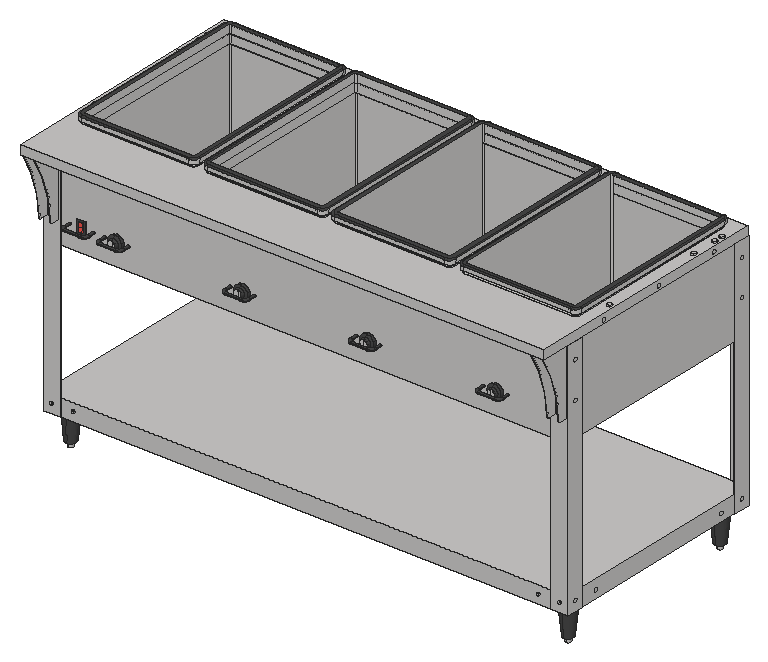
Revit family "QF_VOLLRATH_38214_SERVEWELL_SL_HOT_FOOD_TABLE", category Specialty Equipment, Revit 2022
Family settings
  Round Connector Dimension = Use Diameter
  Part Type = Normal
  Work Plane-Based = No
  Always vertical = Yes
  Cut with Voids When Loaded = No
  Maintain Annotation Orientation = No
  Shared = No
  Room Calculation Point = No
Parameters
  Weight in Pounds = 0
  Watts = 2800 W
  Volts = 120 V
  URL Cutsheet = ""
  Specification by User = ""
  Specification by Manufacturer = ""
  Serial Number = ""
  Seismic Rating = ""
  SMACNA No = ""
  Revision Code = ""
  Phase = 1
  Number of Poles = 1
  NAFEM Spec ID Number = ""
  Model = "38214"
  Min Ckt Ampacity = 0 A
  Max Overcurrent Protection = 0 A
  Masterspec = ""
  Manufacturer = "VOLLRATH"
  Length = 60 11/16"
  Item Number = ""
  Installed By = ""
  Identify Quantity as Lot = yes
  Height = 34"
  HP = ""
  Furnished By = ""
  Foodservice Equipment Identifier = yes
  FL Amps = 30 A
  Electrical Remarks = ""
  Electric Connection Type = ""
  Elec Conn RI Height = 0"
  Elec Conn Connection Height = 0"
  Description = "SERVEWELL SL HOT FOOD TABLE"
  Depth = 29 1/2"
  Default Elevation = 0"
  Cycle = 0 Hz
  Conn Plug = "NEMA 5-30P"
  Conn Conduit = yes
  CSI MasterFormat = ""
  Apparent Power = if(Phase = 3, Volts * FL Amps * 1.73, Volts * FL Amps)  # 3600 VA
Reference planes (in)
  plane 1 "BACK": y = 0
  plane 2: z = 0
  plane 3 "LEFT": x = 0
  plane 4 "RIGHT": x = 60.6875
  plane 5 "FRONT": y = -29.5
  plane 6 "TOP": z = 34
  plane 7 "Center Y": x = 30.34375
  plane 8 "Center X": y = -14.75
Dimensions and locks (in)
  equal spacing: plane 3 "LEFT", plane 7 "Center Y", plane 4 "RIGHT"
  "Length": plane 3 "LEFT" to plane 4 "RIGHT"
  equal spacing: plane 5 "FRONT", plane 8 "Center X", plane 1 "BACK"
  "Depth": plane 5 "FRONT" to plane 1 "BACK"
  "Height": plane 6 "TOP" to level
  nested 1 to level = 4"
  plane 4 "RIGHT" to plane 3 "LEFT" = 60 11/16"
  aligned and locked: level to plane 2
Nested families (in)
  nested 1: "QF_VOLLRATH_38203" at (0, 0, 0), type "QF_VOLLRATH_38203"
Connectors (in)
  electrical at (4.37729, -23.99392, 21.75393)
    settings: on nested 1, index 1, voltage 120 V, apparent load 0 VA, apparent load phase1 0 VA, apparent load phase2 0 VA, apparent load phase3 0 VA, power factor 1, load classification "Other", number of poles 1, system type 30, power factor state 1, is connector primary yes, connector utility no, sub classification motor no, connector description "ELECTRICAL CONNECTION"
Definition of nested family "QF_VOLLRATH_38203"
  Parameters (values of type "QF_VOLLRATH_38203")
    Weight in Pounds = 0
    Watts = 480 W
    Volts = 120 V
    URL Cutsheet = ""
    Specification by User = ""
    Specification by Manufacturer = ""
    Serial Number = ""
    Seismic Rating = ""
    SMACNA No = ""
    Revision Code = ""
    Phase = 0
    Number of Poles = 1
    NAFEM Spec ID Number = ""
    Model = "38204"
    Min Ckt Ampacity = 0 A
    Max Overcurrent Protection = 0 A
    Masterspec = ""
    Manufacturer = "VOLLRATH"
    Length = 60 11/16"
    Item Number = ""
    Installed By = ""
    Identify Quantity as Lot = yes
    Height = 34"
    HP = ""
    Furnished By = ""
    Foodservice Equipment Identifier = yes
    FL Amps = 15 A
    Electrical Remarks = ""
    Electric Connection Type = ""
    Elec Conn RI Height = 0"
    Elec Conn Connection Height = 0"
    Description = "SERVEWELL SL HOT FOOD TABLE"
    Depth = 29 1/2"
    Default Elevation = 0"
    Cycle = 0 Hz
    Conn Plug = "NEMA 5-20P"
    Conn Conduit = yes
    CSI MasterFormat = ""
    Apparent Power = if(Phase = 3, Volts * FL Amps * 1.73, Volts * FL Amps)  # 1800 VA
  Reference planes (in)
    plane 1 "BACK": y = 0
    plane 2: z = 0
    plane 3 "LEFT": x = 0
    plane 4 "RIGHT": x = 60.6875
    plane 5 "FRONT": y = -29.5
    plane 6 "TOP": z = 34
    plane 7 "Center Y": x = 30.34375
    plane 8 "Center X": y = -14.75
    plane 9: z = 4
    plane 10: y = -26
    plane 11: z = 6
    plane 12: x = 1.5
    plane 13: y = -18.1465
    plane 14: x = 59.1875
  Forms (in)
    Extrusion 1, solid
      sketch origin (-38.39759, -180, 34) x (-1, 0, 0) y (0, -1, 0)
        loop
          line (-38.39759, -180) -> (-38.39759, -150.5) -> (-99.08509, -150.5) -> (-99.08509, -180) -> (-38.39759, -180)
        loop
          arc (-53.31185, -178.35363) -> (-53.26608, -178.46411) -> (-53.1556, -178.50988) r 0.15625
          line (-53.1556, -178.50988) -> (-40.4056, -178.50988)
          arc (-40.4056, -178.50988) -> (-40.29511, -178.46411) -> (-40.24935, -178.35363) r 0.15625
          line (-40.24935, -178.35363) -> (-40.24935, -157.60363)
          arc (-40.24935, -157.60363) -> (-40.29511, -157.49314) -> (-40.4056, -157.44738) r 0.15625
          line (-40.4056, -157.44738) -> (-53.1556, -157.44738)
          arc (-53.1556, -157.44738) -> (-53.26608, -157.49314) -> (-53.31185, -157.60363) r 0.15625
          line (-53.31185, -157.60363) -> (-53.31185, -178.35363)
        loop
          line (-54.82709, -178.35363) -> (-54.82709, -157.60363)
          arc (-54.82709, -157.60363) -> (-54.87285, -157.49314) -> (-54.98334, -157.44738) r 0.15625
          line (-54.98334, -157.44738) -> (-67.73334, -157.44738)
          arc (-67.73334, -157.44738) -> (-67.84382, -157.49314) -> (-67.88959, -157.60363) r 0.15625
          line (-67.88959, -157.60363) -> (-67.88959, -178.35363)
          arc (-67.88959, -178.35363) -> (-67.84382, -178.46411) -> (-67.73334, -178.50988) r 0.15625
          line (-67.73334, -178.50988) -> (-54.98334, -178.50988)
          arc (-54.98334, -178.50988) -> (-54.87285, -178.46411) -> (-54.82709, -178.35363) r 0.15625
        loop
          arc (-69.57709, -157.60363) -> (-69.62285, -157.49314) -> (-69.73334, -157.44738) r 0.15625
          line (-69.73334, -157.44738) -> (-82.48334, -157.44738)
          arc (-82.48334, -157.44738) -> (-82.59382, -157.49314) -> (-82.63959, -157.60363) r 0.15625
          line (-82.63959, -157.60363) -> (-82.63959, -178.35363)
          arc (-82.63959, -178.35363) -> (-82.59382, -178.46411) -> (-82.48334, -178.50988) r 0.15625
          line (-82.48334, -178.50988) -> (-69.73334, -178.50988)
          arc (-69.73334, -178.50988) -> (-69.62285, -178.46411) -> (-69.57709, -178.35363) r 0.15625
          line (-69.57709, -178.35363) -> (-69.57709, -157.60363)
        loop
          arc (-84.17084, -157.60363) -> (-84.2166, -157.49314) -> (-84.32709, -157.44738) r 0.15625
          line (-84.32709, -157.44738) -> (-97.07709, -157.44738)
          arc (-97.07709, -157.44738) -> (-97.18757, -157.49314) -> (-97.23334, -157.60363) r 0.15625
          line (-97.23334, -157.60363) -> (-97.23334, -178.35363)
          arc (-97.23334, -178.35363) -> (-97.18757, -178.46411) -> (-97.07709, -178.50988) r 0.15625
          line (-97.07709, -178.50988) -> (-84.32709, -178.50988)
          arc (-84.32709, -178.50988) -> (-84.2166, -178.46411) -> (-84.17084, -178.35363) r 0.15625
          line (-84.17084, -178.35363) -> (-84.17084, -157.60363)
      from -0.90354 to -1.94773
    Extrusion 2, solid
      sketch origin (0, 0, 0) x (1, 0, 0) y (0, 1, 0)
        loop
          line (0, -26) -> (60.6875, -26) -> (60.6875, 0) -> (0, 0) -> (0, -26)
        loop
          arc (14.91425, -1.64637) -> (14.86849, -1.53589) -> (14.758, -1.49012) r 0.15625
          line (14.758, -1.49012) -> (2.008, -1.49012)
          arc (2.008, -1.49012) -> (1.89752, -1.53589) -> (1.85175, -1.64637) r 0.15625
          line (1.85175, -1.64637) -> (1.85175, -22.39637)
          arc (1.85175, -22.39637) -> (1.89752, -22.50686) -> (2.008, -22.55262) r 0.15625
          line (2.008, -22.55262) -> (14.758, -22.55262)
          arc (14.758, -22.55262) -> (14.86849, -22.50686) -> (14.91425, -22.39637) r 0.15625
          line (14.91425, -22.39637) -> (14.91425, -1.64637)
        loop
          arc (16.4455, -22.39637) -> (16.49127, -22.50686) -> (16.60175, -22.55262) r 0.15625
          line (16.60175, -22.55262) -> (29.35175, -22.55262)
          arc (29.35175, -22.55262) -> (29.46224, -22.50686) -> (29.508, -22.39637) r 0.15625
          line (29.508, -22.39637) -> (29.508, -1.64637)
          arc (29.508, -1.64637) -> (29.46224, -1.53589) -> (29.35175, -1.49012) r 0.15625
          line (29.35175, -1.49012) -> (16.60175, -1.49012)
          arc (16.60175, -1.49012) -> (16.49127, -1.53589) -> (16.4455, -1.64637) r 0.15625
          line (16.4455, -1.64637) -> (16.4455, -22.39637)
        loop
          line (45.77325, -1.64637) -> (45.77325, -22.39637)
          arc (45.77325, -22.39637) -> (45.81901, -22.50686) -> (45.9295, -22.55262) r 0.15625
          line (45.9295, -22.55262) -> (58.6795, -22.55262)
          arc (58.6795, -22.55262) -> (58.78998, -22.50686) -> (58.83575, -22.39637) r 0.15625
          line (58.83575, -22.39637) -> (58.83575, -1.64637)
          arc (58.83575, -1.64637) -> (58.78998, -1.53589) -> (58.6795, -1.49012) r 0.15625
          line (58.6795, -1.49012) -> (45.9295, -1.49012)
          arc (45.9295, -1.49012) -> (45.81901, -1.53589) -> (45.77325, -1.64637) r 0.15625
        loop
          line (44.242, -22.39637) -> (44.242, -1.64637)
          arc (44.242, -1.64637) -> (44.19623, -1.53589) -> (44.08575, -1.49012) r 0.15625
          line (44.08575, -1.49012) -> (31.33575, -1.49012)
          arc (31.33575, -1.49012) -> (31.22526, -1.53589) -> (31.1795, -1.64637) r 0.15625
          line (31.1795, -1.64637) -> (31.1795, -22.39637)
          arc (31.1795, -22.39637) -> (31.22526, -22.50686) -> (31.33575, -22.55262) r 0.15625
          line (31.33575, -22.55262) -> (44.08575, -22.55262)
          arc (44.08575, -22.55262) -> (44.19623, -22.50686) -> (44.242, -22.39637) r 0.15625
      from 21.87893 to 32.05227
    Extrusion 3, solid
      sketch origin (0, 0, 0) x (1, 0, 0) y (0, 1, 0)
        loop
          line (-0.0625, -26.0625) -> (1.9375, -26.0625) -> (1.9375, -26) -> (0, -26) -> (0, -24.0625) -> (-0.0625, -24.0625) -> (-0.0625, -26.0625)
        loop
          line (60.75, -26.0625) -> (60.75, -24.0625) -> (60.6875, -24.0625) -> (60.6875, -26) -> (58.75, -26) -> (58.75, -26.0625) -> (60.75, -26.0625)
        loop
          line (-0.0625, 0.0625) -> (-0.0625, -1.9375) -> (0, -1.9375) -> (0, 0) -> (1.9375, 0) -> (1.9375, 0.0625) -> (-0.0625, 0.0625)
        loop
          line (60.75, 0.0625) -> (58.75, 0.0625) -> (58.75, 0) -> (60.6875, 0) -> (60.6875, -1.9375) -> (60.75, -1.9375) -> (60.75, 0.0625)
      from 4 to 32.05227
    Extrusion 4, solid
      sketch origin (0, -180, 4) x (-1, 0, 0) y (0, -1, 0)
        loop
          line (0, -180) -> (0, -154) -> (-60.6875, -154) -> (-60.6875, -180) -> (0, -180)
      from 0 to 2
    Revolve 5, solid
      sketch origin (59.1875, 0, 0) x (0, 1, 0) y (0, 0, -1)
        loop
          line (-24.0625, -4) -> (-24.0625, 0) -> (-24.34375, 0) -> (-24.34375, -0.5625) -> (-24.69114, -0.5625) -> (-24.99188, -4) -> (-24.0625, -4)
        axis (-24.0625, -4) -> (-24.0625, 0)
      angle from 0 to 360
    Sweep 6, solid
      path origin (0, 0, 0) x (1, 0, 0) y (0, 1, 0)
        loop
          arc (2.008, -1.14637) -> (1.65445, -1.29282) -> (1.508, -1.64637) r 0.5
          line (1.508, -1.64637) -> (1.508, -22.39637)
          arc (1.508, -22.39637) -> (1.65445, -22.74993) -> (2.008, -22.89637) r 0.5
          line (2.008, -22.89637) -> (14.41425, -22.89637)
          arc (14.41425, -22.89637) -> (14.76781, -22.74993) -> (14.91425, -22.39637) r 0.5
          line (14.91425, -22.39637) -> (14.91425, -1.64637)
          arc (14.91425, -1.64637) -> (14.76781, -1.29282) -> (14.41425, -1.14637) r 0.5
          line (14.41425, -1.14637) -> (2.008, -1.14637)
      profile origin (8.21113, -1.14637, 0) x (0, 1, 0) y (0, 0, 1)
        loop
          arc (0.21875, 33.86984) -> (0.18063, 33.96188) -> (0.08859, 34) r 0.13016
          line (0.08859, 34) -> (-0.34375, 34) -> (-0.34375, 21.87893) -> (0, 21.87893) -> (0, 33.09646)
          arc (0, 33.09646) -> (-0.07256, 33.26176) -> (-0.03125, 33.4375) r 0.285
          line (-0.03125, 33.4375) -> (0.21875, 33.4375) -> (0.21875, 33.86984)
    Sweep 7, solid
      path origin (7.23399, 0, 0) x (1, 0, 0) y (0, 1, 0)
        loop
          arc (9.35175, -1.14637) -> (8.9982, -1.29282) -> (8.85175, -1.64637) r 0.5
          line (8.85175, -1.64637) -> (8.85175, -22.39637)
          arc (8.85175, -22.39637) -> (8.9982, -22.74993) -> (9.35175, -22.89637) r 0.5
          line (9.35175, -22.89637) -> (22.10175, -22.89637)
          arc (22.10175, -22.89637) -> (22.45531, -22.74993) -> (22.60175, -22.39637) r 0.5
          line (22.60175, -22.39637) -> (22.60175, -1.64637)
          arc (22.60175, -1.64637) -> (22.45531, -1.29282) -> (22.10175, -1.14637) r 0.5
          line (22.10175, -1.14637) -> (9.35175, -1.14637)
      profile origin (22.96075, -1.14637, 0) x (0, 1, 0) y (0, 0, 1)
        loop
          arc (0.21875, 33.86984) -> (0.18063, 33.96188) -> (0.08859, 34) r 0.13016
          line (0.08859, 34) -> (-0.34375, 34) -> (-0.34375, 21.87893) -> (0, 21.87893) -> (0, 33.09646)
          arc (0, 33.09646) -> (-0.07256, 33.26176) -> (-0.03125, 33.4375) r 0.285
          line (-0.03125, 33.4375) -> (0.21875, 33.4375) -> (0.21875, 33.86984)
    Extrusion 8, solid
      sketch origin (0, 0, 0) x (0, 1, 0) y (0, 0, 1)
        loop
          arc (-29.38523, 32.05227) -> (-27.76168, 28.48926) -> (-27.05801, 24.63752) r 15.90135
          arc (-27.05801, 24.63752) -> (-26.98006, 24.47007) -> (-26.80842, 24.40183) r 0.25
          line (-26.80842, 24.40183) -> (-26.0625, 24.40183) -> (-26.0625, 32.05227) -> (-29.38523, 32.05227)
      from 0.19267 to 0.26943
    Extrusion 9, solid
      sketch origin (1.38301, 0, 0) x (0, 1, 0) y (0, 0, 1)
        loop
          arc (-29.38523, 32.05227) -> (-27.76168, 28.48926) -> (-27.05801, 24.63752) r 15.90135
          arc (-27.05801, 24.63752) -> (-26.98006, 24.47007) -> (-26.80842, 24.40183) r 0.25
          line (-26.80842, 24.40183) -> (-26.0625, 24.40183) -> (-26.0625, 32.05227) -> (-29.38523, 32.05227)
      from 0.12501 to 0.21028
    Revolve 10, solid
      sketch origin (8.383, 0.0625, 0) x (0, 1, 0) y (0, 0, 1)
        loop
          line (-26.0625, 24.44451) -> (-26.0625, 25.25473) -> (-26.36725, 25.25473) -> (-26.50448, 24.94383) -> (-26.8125, 24.8613) -> (-26.8125, 24.44451) -> (-26.0625, 24.44451)
        axis (-26.8125, 24.44451) -> (-26.0625, 24.44451)
      angle from 0 to 360
    Sweep 11, solid
      path origin (0, 0, 0) x (1, 0, 0) y (0, 1, 0)
        loop
          line (7, -26) -> (7, -26.83521)
          arc (7, -26.83521) -> (7.12149, -27.12851) -> (7.41479, -27.25) r 0.41479
          line (7.41479, -27.25) -> (9.33594, -27.25)
          arc (9.33594, -27.25) -> (9.62872, -27.12872) -> (9.75, -26.83594) r 0.41406
          line (9.75, -26.83594) -> (9.75, -26)
      profile origin (8.37537, -27.25, 0) x (0, 1, 0) y (0, 0, 1)
        loop
          circle (0, 24.4375) r 0.125
    Revolve 12, solid
      sketch origin (23, 0.0625, 0) x (0, 1, 0) y (0, 0, 1)
        loop
          line (-26.0625, 24.44451) -> (-26.0625, 25.25473) -> (-26.36725, 25.25473) -> (-26.50448, 24.94383) -> (-26.8125, 24.8613) -> (-26.8125, 24.44451) -> (-26.0625, 24.44451)
        axis (-26.8125, 24.44451) -> (-26.0625, 24.44451)
      angle from 0 to 360
    Sweep 13, solid
      path origin (7.242, 0, 0) x (1, 0, 0) y (0, 1, 0)
        loop
          line (14.34375, -26) -> (14.34375, -26.83521)
          arc (14.34375, -26.83521) -> (14.46524, -27.12851) -> (14.75854, -27.25) r 0.41479
          line (14.75854, -27.25) -> (16.67969, -27.25)
          arc (16.67969, -27.25) -> (16.97247, -27.12872) -> (17.09375, -26.83594) r 0.41406
          line (17.09375, -26.83594) -> (17.09375, -26)
      profile origin (22.96111, -27.25, 0) x (0, 1, 0) y (0, 0, 1)
        loop
          circle (0, 24.4375) r 0.125
    Revolve 14, solid
      sketch origin (37.617, 0.0625, 0) x (0, 1, 0) y (0, 0, -1)
        loop
          line (-26.0625, -24.44451) -> (-26.8125, -24.44451) -> (-26.8125, -24.8613) -> (-26.50448, -24.94383) -> (-26.36725, -25.25473) -> (-26.0625, -25.25473) -> (-26.0625, -24.44451)
        axis (-26.8125, -24.44451) -> (-26.0625, -24.44451)
      angle from 0 to 360
    Sweep 15, solid
      path origin (46, 0, 0) x (-1, 0, 0) y (0, -1, 0)
        loop
          line (-7.6875, 26) -> (-7.6875, 26.83521)
          arc (-7.6875, 26.83521) -> (-7.56601, 27.12851) -> (-7.27271, 27.25) r 0.41479
          line (-7.27271, 27.25) -> (-5.35156, 27.25)
          arc (-5.35156, 27.25) -> (-5.05878, 27.12872) -> (-4.9375, 26.83594) r 0.41406
          line (-4.9375, 26.83594) -> (-4.9375, 26)
      profile origin (52.31213, -27.25, 0) x (0, -1, 0) y (0, 0, 1)
        loop
          circle (0, 24.4375) r 0.125
    Extrusion 16, solid
      sketch origin (0, -26, 0) x (1, 0, 0) y (0, 0, 1)
        loop
          line (3.81326, 25.25117) -> (3.81326, 23.75117) -> (4.81326, 23.75117) -> (4.81326, 25.25117) -> (3.81326, 25.25117)
        loop
          line (4.10495, 25.04634) -> (4.10495, 24.03072) -> (4.52019, 24.03072) -> (4.52019, 25.04634) -> (4.10495, 25.04634)
      from 0 to 0.0625
    Extrusion 17, solid
      sketch origin (4.10495, -26, 24.53072) x (0, 0, 1) y (0, -1, 0)
        loop
          line (0.51563, 0.0625) -> (0.51563, 0.12731) -> (0.05202, 0.12731) -> (-0.49994, 0.20488) -> (-0.49994, 0.0625) -> (0.51563, 0.0625)
      from 0 to 0.41524
    Sweep 18, solid
      path origin (-4.03125, 0, 0) x (1, 0, 0) y (0, 1, 0)
        loop
          line (7, -26) -> (7, -26.83521)
          arc (7, -26.83521) -> (7.12149, -27.12851) -> (7.41479, -27.25) r 0.41479
          line (7.41479, -27.25) -> (9.33594, -27.25)
          arc (9.33594, -27.25) -> (9.62872, -27.12872) -> (9.75, -26.83594) r 0.41406
          line (9.75, -26.83594) -> (9.75, -26)
      profile origin (4.34412, -27.25, 0) x (0, 1, 0) y (0, 0, 1)
        loop
          circle (0, 24.4375) r 0.125
    Extrusion 19, solid
      sketch origin (0, 0, 21.87893) x (0, 1, 0) y (1, 0, 0)
        loop
          circle (-19.65638, 8.32444) r 0.5
        loop
          line (-22.39637, 1.85175) -> (-1.64637, 1.85175)
          arc (-1.64637, 1.85175) -> (-1.53589, 1.89752) -> (-1.49012, 2.008) r 0.15625
          line (-1.49012, 2.008) -> (-1.49012, 14.758)
          arc (-1.49012, 14.758) -> (-1.53589, 14.86849) -> (-1.64637, 14.91425) r 0.15625
          line (-1.64637, 14.91425) -> (-22.39637, 14.91425)
          arc (-22.39637, 14.91425) -> (-22.50686, 14.86849) -> (-22.55262, 14.758) r 0.15625
          line (-22.55262, 14.758) -> (-22.55262, 2.008)
          arc (-22.55262, 2.008) -> (-22.50686, 1.89752) -> (-22.39637, 1.85175) r 0.15625
        loop
          circle (-19.65638, 23.01931) r 0.5
        loop
          arc (-22.39637, 29.492) -> (-22.50686, 29.44623) -> (-22.55262, 29.33575) r 0.15625
          line (-22.55262, 29.33575) -> (-22.55262, 16.58575)
          arc (-22.55262, 16.58575) -> (-22.50686, 16.47526) -> (-22.39637, 16.4295) r 0.15625
          line (-22.39637, 16.4295) -> (-1.64637, 16.4295)
          arc (-1.64637, 16.4295) -> (-1.53589, 16.47526) -> (-1.49012, 16.58575) r 0.15625
          line (-1.49012, 16.58575) -> (-1.49012, 29.33575)
          arc (-1.49012, 29.33575) -> (-1.53589, 29.44623) -> (-1.64637, 29.492) r 0.15625
          line (-1.64637, 29.492) -> (-22.39637, 29.492)
        loop
          circle (-19.65638, 52.36306) r 0.5
        loop
          arc (-22.39637, 58.83575) -> (-22.50686, 58.78998) -> (-22.55262, 58.6795) r 0.15625
          line (-22.55262, 58.6795) -> (-22.55262, 45.9295)
          arc (-22.55262, 45.9295) -> (-22.50686, 45.81901) -> (-22.39637, 45.77325) r 0.15625
          line (-22.39637, 45.77325) -> (-1.64637, 45.77325)
          arc (-1.64637, 45.77325) -> (-1.53589, 45.81901) -> (-1.49012, 45.9295) r 0.15625
          line (-1.49012, 45.9295) -> (-1.49012, 58.6795)
          arc (-1.49012, 58.6795) -> (-1.53589, 58.78998) -> (-1.64637, 58.83575) r 0.15625
          line (-1.64637, 58.83575) -> (-22.39637, 58.83575)
        loop
          circle (-19.65638, 37.66819) r 0.5
        loop
          line (-22.39637, 31.1955) -> (-1.64637, 31.1955)
          arc (-1.64637, 31.1955) -> (-1.53589, 31.24127) -> (-1.49012, 31.35175) r 0.15625
          line (-1.49012, 31.35175) -> (-1.49012, 44.10175)
          arc (-1.49012, 44.10175) -> (-1.53589, 44.21224) -> (-1.64637, 44.258) r 0.15625
          line (-1.64637, 44.258) -> (-22.39637, 44.258)
          arc (-22.39637, 44.258) -> (-22.50686, 44.21224) -> (-22.55262, 44.10175) r 0.15625
          line (-22.55262, 44.10175) -> (-22.55262, 31.35175)
          arc (-22.55262, 31.35175) -> (-22.50686, 31.24127) -> (-22.39637, 31.1955) r 0.15625
      from 0 to -0.48173
    Extrusion 20, solid
      sketch origin (-38.39759, -180, 33.09646) x (-1, 0, 0) y (0, -1, 0)
        loop
          circle (-38.90258, -176.94303) r 0.25
        loop
          circle (-38.90258, -175.89791) r 0.25
        loop
          circle (-38.93459, -172.90202) r 0.25
        loop
          circle (-38.96584, -160.74577) r 0.25
      from 0 to 0.0625
    Extrusion 21, solid
      sketch origin (0.1875, 0, 21.87893) x (0, 1, 0) y (1, 0, 0)
        loop
          circle (-23.99392, 4.18979) r 0.5
      from 0 to 0.125
    Extrusion 22, solid
      sketch origin (0, 0, 21.87893) x (0, 1, 0) y (1, 0, 0)
        loop
          circle (-19.65551, 8.32474) r 0.5
        loop
          circle (-19.65551, 52.36276) r 0.5
        loop
          circle (-19.65551, 23.02344) r 0.5
        loop
          circle (-19.65551, 37.66406) r 0.5
        loop
          circle (-19.65551, 8.32474) r 0.5625
        loop
          circle (-19.65551, 23.02344) r 0.5625
        loop
          circle (-19.65551, 37.66406) r 0.5625
        loop
          circle (-19.65551, 52.36276) r 0.5625
      from 0 to 2
    Extrusion 23, solid
      sketch origin (0, 0, 0) x (1, 0, 0) y (0, 0, 1)
        loop
          arc (8.11974, 21.11331) -> (7.98829, 20.87122) -> (8.15928, 20.65522) r 0.25
          line (8.15928, 20.65522) -> (8.15928, 19.87893) -> (8.44974, 19.87893) -> (8.44974, 20.65323)
          arc (8.44974, 20.65323) -> (8.62739, 20.87543) -> (8.48208, 21.12001) r 0.25
          line (8.48208, 21.12001) -> (8.48208, 21.37213) -> (8.11974, 21.37213) -> (8.11974, 21.11331)
      from 20.74955 to 20.32975
    Extrusion 24, solid
      sketch origin (0, 0, 0) x (1, 0, 0) y (0, 0, 1)
        loop
          circle (8.30179, 20.88613) r 0.25
      from 20.15525 to 20.32975
    Extrusion 25, solid
      sketch origin (7.39541, 0, 0) x (1, 0, 0) y (0, 0, 1)
        loop
          arc (15.46349, 21.11331) -> (15.33204, 20.87122) -> (15.50303, 20.65522) r 0.25
          line (15.50303, 20.65522) -> (15.50303, 19.87893) -> (15.79349, 19.87893) -> (15.79349, 20.65323)
          arc (15.79349, 20.65323) -> (15.97114, 20.87543) -> (15.82583, 21.12001) r 0.25
          line (15.82583, 21.12001) -> (15.82583, 21.37213) -> (15.46349, 21.37213) -> (15.46349, 21.11331)
      from 20.74955 to 20.32975
    Extrusion 26, solid
      sketch origin (7.40222, 0, 0) x (1, 0, 0) y (0, 0, 1)
        loop
          circle (15.64554, 20.88613) r 0.25
      from 20.15525 to 20.32975
    Extrusion 27, solid
      sketch origin (29.38659, 0, 0) x (1, 0, 0) y (0, 0, 1)
        loop
          arc (22.80724, 21.11331) -> (22.67579, 20.87122) -> (22.84678, 20.65522) r 0.25
          line (22.84678, 20.65522) -> (22.84678, 19.87893) -> (23.13724, 19.87893) -> (23.13724, 20.65323)
          arc (23.13724, 20.65323) -> (23.31489, 20.87543) -> (23.16958, 21.12001) r 0.25
          line (23.16958, 21.12001) -> (23.16958, 21.37213) -> (22.80724, 21.37213) -> (22.80724, 21.11331)
      from 20.74955 to 20.32975
    Extrusion 28, solid
      sketch origin (29.38659, 0, 0) x (1, 0, 0) y (0, 0, 1)
        loop
          circle (22.98929, 20.88613) r 0.25
      from 20.15525 to 20.32975
    Extrusion 29, solid
      sketch origin (60.6875, 0, 34) x (0, -1, 0) y (0, 0, -1)
        loop
          circle (25.09699, 3.76064) r 0.17669
        loop
          circle (25.09699, 8.01064) r 0.17669
        loop
          circle (25.09699, 28.76064) r 0.17669
        loop
          circle (22.10841, 29.02211) r 0.17669
        loop
          circle (3.92282, 29.02211) r 0.17669
        loop
          circle (0.93013, 28.81284) r 0.17669
        loop
          circle (0.93013, 7.8989) r 0.17669
        loop
          circle (0.93013, 3.74659) r 0.17669
        loop
          circle (20.96222, 1.42378) r 0.17669
        loop
          circle (12.96222, 1.42378) r 0.17669
        loop
          circle (4.96222, 1.42378) r 0.17669
      from 0 to 0.125
    Extrusion 30, solid
      sketch origin (0, 0, 34) x (0, -1, 0) y (0, 0, 1)
        loop
          circle (25.09699, -3.76064) r 0.17669
        loop
          circle (25.09699, -8.01064) r 0.17669
        loop
          circle (25.09699, -28.76064) r 0.17669
        loop
          circle (22.10841, -29.02211) r 0.17669
        loop
          circle (3.92282, -29.02211) r 0.17669
        loop
          circle (0.93013, -28.81284) r 0.17669
        loop
          circle (0.93013, -7.8989) r 0.17669
        loop
          circle (0.93013, -3.74659) r 0.17669
        loop
          circle (20.96222, -1.42378) r 0.17669
        loop
          circle (12.96222, -1.42378) r 0.17669
        loop
          circle (4.96222, -1.42378) r 0.17669
      from 0 to 0.125
    Extrusion 31, solid
      sketch origin (60.75, -26.0625, 0) x (-1, 0, 0) y (0, 0, -1)
        loop
          circle (0.93848, -30.25949) r 0.14866
        loop
          circle (0.93848, -26.00949) r 0.14866
        loop
          circle (0.93848, -5.09351) r 0.14866
        loop
          circle (3.43848, -5.09351) r 0.14866
        loop
          circle (59.87402, -30.25949) r 0.14866
        loop
          circle (59.87402, -26.00949) r 0.14866
        loop
          circle (59.87402, -5.09351) r 0.14866
        loop
          circle (57.37402, -5.09351) r 0.14866
      from 0 to 0.0625
    Revolve 32, solid
      sketch origin (1.5, 0, 0) x (0, 1, 0) y (0, 0, 1)
        loop
          line (-24.0625, 4) -> (-24.99188, 4) -> (-24.69114, 0.5625) -> (-24.34375, 0.5625) -> (-24.34375, 0) -> (-24.0625, 0) -> (-24.0625, 4)
        axis (-24.0625, 4) -> (-24.0625, 0)
      angle from 0 to 360
    Revolve 33, solid
      sketch origin (1.5, -26.125, 0) x (0, -1, 0) y (0, 0, -1)
        loop
          line (-24.0625, -4) -> (-24.0625, 0) -> (-24.34375, 0) -> (-24.34375, -0.5625) -> (-24.69114, -0.5625) -> (-24.99188, -4) -> (-24.0625, -4)
        axis (-24.0625, -4) -> (-24.0625, 0)
      angle from 0 to 360
    Revolve 34, solid
      sketch origin (59.1875, -26.125, 0) x (0, -1, 0) y (0, 0, 1)
        loop
          line (-24.0625, 4) -> (-24.99188, 4) -> (-24.69114, 0.5625) -> (-24.34375, 0.5625) -> (-24.34375, 0) -> (-24.0625, 0) -> (-24.0625, 4)
        axis (-24.0625, 4) -> (-24.0625, 0)
      angle from 0 to 360
    Blend 35, solid
      base sketch origin (0, 0, 0) x (1, 0, 0) y (0, 1, 0)
        loop
          line (54.75023, -18.1465) -> (54.75023, -23.02664) -> (59.25023, -23.02664) -> (59.25023, -18.1465) -> (54.75023, -18.1465)
      top sketch origin (0, 0, 0) x (1, 0, 0) y (0, 1, 0)
        loop
          line (55.25023, -22.52664) -> (58.75023, -22.52664) -> (58.75023, -18.6465) -> (55.25023, -18.6465) -> (55.25023, -22.52664)
      from 4 to 3.30089
    Blend 36, solid
      base sketch origin (46, 0, 0) x (-1, 0, 0) y (0, -1, 0)
        loop
          line (40.06273, 18.1465) -> (44.56273, 18.1465) -> (44.56273, 23.02664) -> (40.06273, 23.02664) -> (40.06273, 18.1465)
      top sketch origin (46, 0, 0) x (-1, 0, 0) y (0, -1, 0)
        loop
          line (40.56273, 22.52664) -> (40.56273, 18.6465) -> (44.06273, 18.6465) -> (44.06273, 22.52664) -> (40.56273, 22.52664)
      from 4 to 3.30089
    Blend 37, solid
      base sketch origin (0, -26.0164, 0) x (1, 0, 0) y (0, 1, 0)
        loop
          line (54.75023, 18.1465) -> (59.25023, 18.1465) -> (59.25023, 23.02664) -> (54.75023, 23.02664) -> (54.75023, 18.1465)
      top sketch origin (0, -26.0164, 0) x (1, 0, 0) y (0, 1, 0)
        loop
          line (55.25023, 22.52664) -> (55.25023, 18.6465) -> (58.75023, 18.6465) -> (58.75023, 22.52664) -> (55.25023, 22.52664)
      from 4 to 3.30089
    Blend 38, solid
      base sketch origin (46, -26.0164, 0) x (-1, 0, 0) y (0, -1, 0)
        loop
          line (40.06273, -18.1465) -> (40.06273, -23.02664) -> (44.56273, -23.02664) -> (44.56273, -18.1465) -> (40.06273, -18.1465)
      top sketch origin (46, -26.0164, 0) x (-1, 0, 0) y (0, -1, 0)
        loop
          line (40.56273, -22.52664) -> (44.06273, -22.52664) -> (44.06273, -18.6465) -> (40.56273, -18.6465) -> (40.56273, -22.52664)
      from 4 to 3.30089
    Extrusion 39, solid
      sketch origin (60.6875, 0, 0) x (0, 1, 0) y (0, 0, -1)
        loop
          line (-29.38523, -32.05227) -> (-26.0625, -32.05227) -> (-26.0625, -24.40183) -> (-26.80842, -24.40183)
          arc (-26.80842, -24.40183) -> (-26.98006, -24.47007) -> (-27.05801, -24.63752) r 0.25
          arc (-27.05801, -24.63752) -> (-27.76168, -28.48926) -> (-29.38523, -32.05227) r 15.90135
      from 0.19267 to 0.26943
    Extrusion 40, solid
      sketch origin (59.30449, 0, 0) x (0, 1, 0) y (0, 0, -1)
        loop
          line (-29.38523, -32.05227) -> (-26.0625, -32.05227) -> (-26.0625, -24.40183) -> (-26.80842, -24.40183)
          arc (-26.80842, -24.40183) -> (-26.98006, -24.47007) -> (-27.05801, -24.63752) r 0.25
          arc (-27.05801, -24.63752) -> (-27.76168, -28.48926) -> (-29.38523, -32.05227) r 15.90135
      from 0.12501 to 0.21028
    Sweep 41, solid
      path origin (60.6875, 0, 0) x (-1, 0, 0) y (0, -1, 0)
        loop
          line (2.008, 1.14637) -> (14.41425, 1.14637)
          arc (14.41425, 1.14637) -> (14.76781, 1.29282) -> (14.91425, 1.64637) r 0.5
          line (14.91425, 1.64637) -> (14.91425, 22.39637)
          arc (14.91425, 22.39637) -> (14.76781, 22.74993) -> (14.41425, 22.89637) r 0.5
          line (14.41425, 22.89637) -> (2.008, 22.89637)
          arc (2.008, 22.89637) -> (1.65445, 22.74993) -> (1.508, 22.39637) r 0.5
          line (1.508, 22.39637) -> (1.508, 1.64637)
          arc (1.508, 1.64637) -> (1.65445, 1.29282) -> (2.008, 1.14637) r 0.5
      profile origin (52.47637, -1.14637, 0) x (0, -1, 0) y (0, 0, 1)
        loop
          line (-0.21875, 33.86984) -> (-0.21875, 33.4375) -> (0.03125, 33.4375)
          arc (0.03125, 33.4375) -> (0.07256, 33.26176) -> (0, 33.09646) r 0.285
          line (0, 33.09646) -> (0, 21.87893) -> (0.34375, 21.87893) -> (0.34375, 34) -> (-0.08859, 34)
          arc (-0.08859, 34) -> (-0.18063, 33.96188) -> (-0.21875, 33.86984) r 0.13016
    Sweep 42, solid
      path origin (53.45351, 0, 0) x (-1, 0, 0) y (0, -1, 0)
        loop
          line (9.35175, 1.14637) -> (22.10175, 1.14637)
          arc (22.10175, 1.14637) -> (22.45531, 1.29282) -> (22.60175, 1.64637) r 0.5
          line (22.60175, 1.64637) -> (22.60175, 22.39637)
          arc (22.60175, 22.39637) -> (22.45531, 22.74993) -> (22.10175, 22.89637) r 0.5
          line (22.10175, 22.89637) -> (9.35175, 22.89637)
          arc (9.35175, 22.89637) -> (8.9982, 22.74993) -> (8.85175, 22.39637) r 0.5
          line (8.85175, 22.39637) -> (8.85175, 1.64637)
          arc (8.85175, 1.64637) -> (8.9982, 1.29282) -> (9.35175, 1.14637) r 0.5
      profile origin (37.72675, -1.14637, 0) x (0, -1, 0) y (0, 0, 1)
        loop
          line (-0.21875, 33.86984) -> (-0.21875, 33.4375) -> (0.03125, 33.4375)
          arc (0.03125, 33.4375) -> (0.07256, 33.26176) -> (0, 33.09646) r 0.285
          line (0, 33.09646) -> (0, 21.87893) -> (0.34375, 21.87893) -> (0.34375, 34) -> (-0.08859, 34)
          arc (-0.08859, 34) -> (-0.18063, 33.96188) -> (-0.21875, 33.86984) r 0.13016
    Extrusion 43, solid
      sketch origin (53.29209, 0, 0) x (-1, 0, 0) y (0, 0, -1)
        loop
          line (15.46349, -21.11331) -> (15.46349, -21.37213) -> (15.82583, -21.37213) -> (15.82583, -21.12001)
          arc (15.82583, -21.12001) -> (15.97114, -20.87543) -> (15.79349, -20.65323) r 0.25
          line (15.79349, -20.65323) -> (15.79349, -19.87893) -> (15.50303, -19.87893) -> (15.50303, -20.65522)
          arc (15.50303, -20.65522) -> (15.33204, -20.87122) -> (15.46349, -21.11331) r 0.25
      from 20.74955 to 20.32975
    Extrusion 44, solid
      sketch origin (60.6875, 0, 0) x (-1, 0, 0) y (0, 0, -1)
        loop
          circle (8.30179, -20.88613) r 0.25
      from 20.15525 to 20.32975
    Extrusion 45, solid
      sketch origin (53.28528, 0, 0) x (-1, 0, 0) y (0, 0, -1)
        loop
          circle (15.64554, -20.88613) r 0.25
      from 20.15525 to 20.32975
    Revolve 46, solid
      sketch origin (52.367, 0.0625, 0) x (0, 1, 0) y (0, 0, -1)
        loop
          line (-26.0625, -24.44451) -> (-26.8125, -24.44451) -> (-26.8125, -24.8613) -> (-26.50448, -24.94383) -> (-26.36725, -25.25473) -> (-26.0625, -25.25473) -> (-26.0625, -24.44451)
        axis (-26.8125, -24.44451) -> (-26.0625, -24.44451)
      angle from 0 to 360
    Sweep 47, solid
      path origin (21.85098, 0, 0) x (1, 0, 0) y (0, 1, 0)
        loop
          line (14.34375, -26) -> (14.34375, -26.83521)
          arc (14.34375, -26.83521) -> (14.46524, -27.12851) -> (14.75854, -27.25) r 0.41479
          line (14.75854, -27.25) -> (16.67969, -27.25)
          arc (16.67969, -27.25) -> (16.97247, -27.12872) -> (17.09375, -26.83594) r 0.41406
          line (17.09375, -26.83594) -> (17.09375, -26)
      profile origin (37.57009, -27.25, 0) x (0, 1, 0) y (0, 0, 1)
        loop
          circle (0, 24.4375) r 0.125
    Extrusion 48, solid
      sketch origin (99.08509, -180, 33.09646) x (1, 0, 0) y (0, 1, 0)
        loop
          circle (-38.90258, 176.94303) r 0.25
        loop
          circle (-38.90258, 175.89791) r 0.25
        loop
          circle (-38.93459, 172.90202) r 0.25
        loop
          circle (-38.96584, 160.74577) r 0.25
      from 0 to 0.0625
  Cuts and joins
    joined: Extrusion 2, Extrusion 3, Extrusion 4
  Lines and regions (in)
    Split face 1
      outline origin (0, -26, 32.05227) x (0, 0, -1) y (1, 0, 0)
        loop
          line (6.04686, 9.36933) -> (6.48436, 9.36933) -> (6.48436, 10.36933) -> (6.04686, 10.36933) -> (6.04686, 9.36933)
    Split face 2
      outline origin (0, -26, 32.05227) x (0, 0, -1) y (1, 0, 0)
        loop
          circle (6.79224, 9.82181) r 0.16586
    Split face 3
      outline origin (0, -26, 32.05227) x (0, 0, -1) y (1, 0, 0)
        loop
          line (6.04686, 38.30683) -> (6.48436, 38.30683) -> (6.48436, 39.30683) -> (6.04686, 39.30683) -> (6.04686, 38.30683)
    Split face 4
      outline origin (0, -26, 32.05227) x (0, 0, -1) y (1, 0, 0)
        loop
          circle (6.79224, 38.79056) r 0.16586
    Split face 5
      outline origin (0, -26, 32.05227) x (0, 0, -1) y (1, 0, 0)
        loop
          line (6.04686, 53.05683) -> (6.48436, 53.05683) -> (6.48436, 54.05683) -> (6.04686, 54.05683) -> (6.04686, 53.05683)
    Split face 6
      outline origin (0, -26, 32.05227) x (0, 0, -1) y (1, 0, 0)
        loop
          circle (6.79224, 53.55618) r 0.16586
    Split face 7
      outline origin (0, -26, 32.05227) x (0, 0, -1) y (1, 0, 0)
        loop
          arc (6.95843, 13.99045) -> (6.98589, 13.92416) -> (7.05218, 13.8967) r 0.09375
          line (7.05218, 13.8967) -> (8.17718, 13.8967)
          arc (8.17718, 13.8967) -> (8.24347, 13.92416) -> (8.27093, 13.99045) r 0.09375
          line (8.27093, 13.99045) -> (8.27093, 17.92817)
          arc (8.27093, 17.92817) -> (8.24353, 17.99431) -> (8.1774, 18.0217) r 0.09353
          line (8.1774, 18.0217) -> (7.05218, 18.0217)
          arc (7.05218, 18.0217) -> (6.98589, 17.99424) -> (6.95843, 17.92795) r 0.09375
          line (6.95843, 17.92795) -> (6.95843, 13.99045)
    Split face 8
      outline origin (0, -26, 32.05227) x (0, 0, -1) y (1, 0, 0)
        loop
          line (6.04686, 23.99433) -> (6.48436, 23.99433) -> (6.48436, 24.99433) -> (6.04686, 24.99433) -> (6.04686, 23.99433)
    Split face 9
      outline origin (0, -26, 32.05227) x (0, 0, -1) y (1, 0, 0)
        loop
          circle (6.79224, 24.46081) r 0.16586
    symbolic lines
      curve 1: line (0, 0, 0) -> (0, -29.5, 0)
      curve 2: line (0, -29.5, 0) -> (60.6875, -29.5, 0)
      curve 3: line (60.6875, -29.5, 0) -> (60.6875, 0, 0)
      curve 4: line (60.6875, 0, 0) -> (0, 0, 0)
      curve 5: arc (8.32444, -19.15638, 0) -> (8.82444, -19.65638, 0) -> (8.32444, -20.15638, 0) r 0.5
      curve 6: arc (8.32444, -20.15638, 0) -> (7.82444, -19.65638, 0) -> (8.32444, -19.15638, 0) r 0.5
      curve 7: arc (0.81824, -19.25423, 0) -> (0.56824, -19.00423, 0) -> (0.31824, -19.25423, 0) r 0.25
      curve 8: arc (0.31824, -19.25423, 0) -> (0.56824, -19.50423, 0) -> (0.81824, -19.25423, 0) r 0.25
      curve 9: arc (0.78699, -7.09798, 0) -> (0.53699, -6.84798, 0) -> (0.28699, -7.09798, 0) r 0.25
      curve 10: arc (0.28699, -7.09798, 0) -> (0.53699, -7.34798, 0) -> (0.78699, -7.09798, 0) r 0.25
      curve 11: arc (0.75498, -4.10209, 0) -> (0.50498, -3.85209, 0) -> (0.25498, -4.10209, 0) r 0.25
      curve 12: arc (0.25498, -4.10209, 0) -> (0.50498, -4.35209, 0) -> (0.75498, -4.10209, 0) r 0.25
      curve 13: arc (0.25498, -3.05697, 0) -> (0.50498, -3.30697, 0) -> (0.75498, -3.05697, 0) r 0.25
      curve 14: arc (0.75498, -3.05697, 0) -> (0.50498, -2.80697, 0) -> (0.25498, -3.05697, 0) r 0.25
      curve 15: line (14.5705, -1.64637, 0) -> (14.5705, -22.39637, 0)
      curve 16: arc (14.5705, -22.39637, 0) -> (14.52474, -22.50686, 0) -> (14.41425, -22.55262, 0) r 0.15625
      curve 17: line (14.41425, -22.55262, 0) -> (2.008, -22.55262, 0)
      curve 18: arc (2.008, -22.55262, 0) -> (1.89752, -22.50686, 0) -> (1.85175, -22.39637, 0) r 0.15625
      curve 19: line (1.85175, -22.39637, 0) -> (1.85175, -1.64637, 0)
      curve 20: arc (1.85175, -1.64637, 0) -> (1.89752, -1.53589, 0) -> (2.008, -1.49012, 0) r 0.15625
      curve 21: line (2.008, -1.49012, 0) -> (14.41425, -1.49012, 0)
      curve 22: arc (14.41425, -1.49012, 0) -> (14.52474, -1.53589, 0) -> (14.5705, -1.64637, 0) r 0.15625
      curve 23: line (14.41425, -23.11512, 0) -> (2.008, -23.11512, 0)
      curve 24: arc (2.008, -23.11512, 0) -> (1.49977, -22.90461, 0) -> (1.28925, -22.39637, 0) r 0.71875
      curve 25: line (1.28925, -22.39637, 0) -> (1.28925, -1.64637, 0)
      curve 26: arc (1.28925, -1.64637, 0) -> (1.49977, -1.13814, 0) -> (2.008, -0.92762, 0) r 0.71875
      curve 27: line (2.008, -0.92762, 0) -> (14.41425, -0.92762, 0)
      curve 28: arc (14.41425, -0.92762, 0) -> (14.92249, -1.13814, 0) -> (15.133, -1.64637, 0) r 0.71875
      curve 29: line (15.133, -1.64637, 0) -> (15.133, -22.39637, 0)
      curve 30: arc (15.133, -22.39637, 0) -> (14.92249, -22.90461, 0) -> (14.41425, -23.11512, 0) r 0.71875
      curve 31: arc (23.01931, -20.15638, 0) -> (22.51931, -19.65638, 0) -> (23.01931, -19.15638, 0) r 0.5
      curve 32: arc (23.01931, -19.15638, 0) -> (23.51931, -19.65638, 0) -> (23.01931, -20.15638, 0) r 0.5
      curve 33: line (29.33575, -22.55262, 0) -> (16.58575, -22.55262, 0)
      curve 34: arc (16.58575, -22.55262, 0) -> (16.47526, -22.50686, 0) -> (16.4295, -22.39637, 0) r 0.15625
      curve 35: line (16.4295, -22.39637, 0) -> (16.4295, -1.64637, 0)
      curve 36: arc (16.4295, -1.64637, 0) -> (16.47526, -1.53589, 0) -> (16.58575, -1.49012, 0) r 0.15625
      curve 37: line (16.58575, -1.49012, 0) -> (29.33575, -1.49012, 0)
      curve 38: arc (29.33575, -1.49012, 0) -> (29.44623, -1.53589, 0) -> (29.492, -1.64637, 0) r 0.15625
      curve 39: line (29.492, -1.64637, 0) -> (29.492, -22.39637, 0)
      curve 40: arc (29.492, -22.39637, 0) -> (29.44623, -22.50686, 0) -> (29.33575, -22.55262, 0) r 0.15625
      curve 41: line (15.867, -22.39637, 0) -> (15.867, -1.64637, 0)
      curve 42: arc (15.867, -1.64637, 0) -> (16.07751, -1.13814, 0) -> (16.58575, -0.92762, 0) r 0.71875
      curve 43: line (16.58575, -0.92762, 0) -> (29.33575, -0.92762, 0)
      curve 44: arc (29.33575, -0.92762, 0) -> (29.84398, -1.13814, 0) -> (30.0545, -1.64637, 0) r 0.71875
      curve 45: line (30.0545, -1.64637, 0) -> (30.0545, -22.39637, 0)
      curve 46: arc (30.0545, -22.39637, 0) -> (29.84398, -22.90461, 0) -> (29.33575, -23.11512, 0) r 0.71875
      curve 47: line (29.33575, -23.11512, 0) -> (16.58575, -23.11512, 0)
      curve 48: arc (16.58575, -23.11512, 0) -> (16.07751, -22.90461, 0) -> (15.867, -22.39637, 0) r 0.71875
      curve 49: line (30.633, -22.39637, 0) -> (30.633, -1.64637, 0)
      curve 50: arc (30.633, -1.64637, 0) -> (30.84352, -1.13814, 0) -> (31.35175, -0.92762, 0) r 0.71875
      curve 51: line (31.35175, -0.92762, 0) -> (44.10175, -0.92762, 0)
      curve 52: arc (44.10175, -0.92762, 0) -> (44.60999, -1.13814, 0) -> (44.8205, -1.64637, 0) r 0.71875
      curve 53: line (44.8205, -1.64637, 0) -> (44.8205, -22.39637, 0)
      curve 54: arc (44.8205, -22.39637, 0) -> (44.60999, -22.90461, 0) -> (44.10175, -23.11512, 0) r 0.71875
      curve 55: line (44.10175, -23.11512, 0) -> (31.35175, -23.11512, 0)
      curve 56: arc (31.35175, -23.11512, 0) -> (30.84352, -22.90461, 0) -> (30.633, -22.39637, 0) r 0.71875
      curve 57: line (31.1955, -22.39637, 0) -> (31.1955, -1.64637, 0)
      curve 58: arc (31.1955, -1.64637, 0) -> (31.24127, -1.53589, 0) -> (31.35175, -1.49012, 0) r 0.15625
      curve 59: line (31.35175, -1.49012, 0) -> (44.10175, -1.49012, 0)
      curve 60: arc (44.10175, -1.49012, 0) -> (44.21224, -1.53589, 0) -> (44.258, -1.64637, 0) r 0.15625
      curve 61: line (44.258, -1.64637, 0) -> (44.258, -22.39637, 0)
      curve 62: arc (44.258, -22.39637, 0) -> (44.21224, -22.50686, 0) -> (44.10175, -22.55262, 0) r 0.15625
      curve 63: line (44.10175, -22.55262, 0) -> (31.35175, -22.55262, 0)
      curve 64: arc (31.35175, -22.55262, 0) -> (31.24127, -22.50686, 0) -> (31.1955, -22.39637, 0) r 0.15625
      curve 65: arc (37.66819, -20.15638, 0) -> (37.16819, -19.65638, 0) -> (37.66819, -19.15638, 0) r 0.5
      curve 66: arc (37.66819, -19.15638, 0) -> (38.16819, -19.65638, 0) -> (37.66819, -20.15638, 0) r 0.5
      curve 67: line (46.117, -22.39637, 0) -> (46.117, -1.64637, 0)
      curve 68: arc (46.117, -1.64637, 0) -> (46.16276, -1.53589, 0) -> (46.27325, -1.49012, 0) r 0.15625
      curve 69: line (46.27325, -1.49012, 0) -> (58.6795, -1.49012, 0)
      curve 70: arc (58.6795, -1.49012, 0) -> (58.78998, -1.53589, 0) -> (58.83575, -1.64637, 0) r 0.15625
      curve 71: line (58.83575, -1.64637, 0) -> (58.83575, -22.39637, 0)
      curve 72: arc (58.83575, -22.39637, 0) -> (58.78998, -22.50686, 0) -> (58.6795, -22.55262, 0) r 0.15625
      curve 73: line (58.6795, -22.55262, 0) -> (46.27325, -22.55262, 0)
      curve 74: arc (46.27325, -22.55262, 0) -> (46.16276, -22.50686, 0) -> (46.117, -22.39637, 0) r 0.15625
      curve 75: line (45.5545, -22.39637, 0) -> (45.5545, -1.64637, 0)
      curve 76: arc (45.5545, -1.64637, 0) -> (45.76501, -1.13814, 0) -> (46.27325, -0.92762, 0) r 0.71875
      curve 77: line (46.27325, -0.92762, 0) -> (58.6795, -0.92762, 0)
      curve 78: arc (58.6795, -0.92762, 0) -> (59.18773, -1.13814, 0) -> (59.39825, -1.64637, 0) r 0.71875
      curve 79: line (59.39825, -1.64637, 0) -> (59.39825, -22.39637, 0)
      curve 80: arc (59.39825, -22.39637, 0) -> (59.18773, -22.90461, 0) -> (58.6795, -23.11512, 0) r 0.71875
      curve 81: line (58.6795, -23.11512, 0) -> (46.27325, -23.11512, 0)
      curve 82: arc (46.27325, -23.11512, 0) -> (45.76501, -22.90461, 0) -> (45.5545, -22.39637, 0) r 0.71875
      curve 83: arc (52.36306, -20.15638, 0) -> (51.86306, -19.65638, 0) -> (52.36306, -19.15638, 0) r 0.5
      curve 84: arc (52.36306, -19.15638, 0) -> (52.86306, -19.65638, 0) -> (52.36306, -20.15638, 0) r 0.5
      curve 85: arc (59.86926, -19.25423, 0) -> (60.11926, -19.50423, 0) -> (60.36926, -19.25423, 0) r 0.25
      curve 86: arc (60.36926, -19.25423, 0) -> (60.11926, -19.00423, 0) -> (59.86926, -19.25423, 0) r 0.25
      curve 87: arc (59.90051, -7.09798, 0) -> (60.15051, -7.34798, 0) -> (60.40051, -7.09798, 0) r 0.25
      curve 88: arc (60.40051, -7.09798, 0) -> (60.15051, -6.84798, 0) -> (59.90051, -7.09798, 0) r 0.25
      curve 89: arc (59.93252, -4.10209, 0) -> (60.18252, -4.35209, 0) -> (60.43252, -4.10209, 0) r 0.25
      curve 90: arc (60.43252, -4.10209, 0) -> (60.18252, -3.85209, 0) -> (59.93252, -4.10209, 0) r 0.25
      curve 91: arc (59.93252, -3.05697, 0) -> (60.18252, -3.30697, 0) -> (60.43252, -3.05697, 0) r 0.25
      curve 92: arc (60.43252, -3.05697, 0) -> (60.18252, -2.80697, 0) -> (59.93252, -3.05697, 0) r 0.25
  Dimensions and locks (in)
    equal spacing: plane 3 "LEFT", plane 7 "Center Y", plane 4 "RIGHT"
    "Length": plane 3 "LEFT" to plane 4 "RIGHT"
    equal spacing: plane 5 "FRONT", plane 8 "Center X", plane 1 "BACK"
    "Depth": plane 5 "FRONT" to plane 1 "BACK"
    "Height": plane 6 "TOP" to level
    plane 9 to level = 4"
    plane 5 "FRONT" to plane 1 "BACK" = 29 1/2"
    plane 10 to plane 1 "BACK" = 26"
    plane 11 to plane 9 = 2"
    plane 12 to plane 3 "LEFT" = 1 1/2"
    aligned and locked: level to plane 2
  Automatic sketch dimensions
    curve 16 to curve 30 = 0"  (x2)
    curve 18 to curve 24 = 0"  (x2)
    curve 20 to curve 26 = 0"  (x2)
    curve 22 to curve 28 = 0"
    curve 34 to curve 48 = 0"  (x2)
    curve 36 to curve 42 = 0"  (x2)
    curve 38 to curve 44 = 0"  (x2)
    curve 40 to curve 46 = 0"
    curve 50 to curve 58 = 0"  (x2)
    curve 52 to curve 60 = 0"  (x2)
    curve 54 to curve 62 = 0"  (x2)
    curve 56 to curve 64 = 0"
    curve 68 to curve 76 = 0"  (x2)
    curve 70 to curve 78 = 0"  (x2)
    curve 72 to curve 80 = 0"  (x2)
    curve 74 to curve 82 = 0"
    curve 1 to plane 3 "LEFT" = 0"
    plane 1 "BACK" to curve 4 = 0"
    curve 4 to plane 4 "RIGHT" = 0"
    plane 5 "FRONT" to curve 1 = 0"
    plane 3 "LEFT" to curve 14 = 0.50498"
    plane 3 "LEFT" to curve 11 = 0.50498"
    plane 3 "LEFT" to curve 9 = 0.53699"
    plane 3 "LEFT" to curve 8 = 0.56824"
    curve 25 to plane 12 = 0.21075"
    plane 12 to curve 19 = 0.35175"
    plane 12 to curve 27 = 0.508"
    curve 18 to curve 24 = 5/32"
    plane 13 to curve 5 = 1.50988"
    plane 12 to curve 5 = 6.82444"
    plane 1 "BACK" to curve 21 = 1.49012"
    curve 20 to curve 21 = 12 13/32"
    plane 10 to curve 23 = 2.88488"
    curve 5 to curve 23 = 6.08981"
    curve 22 to curve 15 = 5/32"
    curve 28 to curve 41 = 0.73399"
    curve 41 to curve 35 = 9/16"
    curve 35 to curve 42 = 5/32"
    curve 34 to curve 33 = 5/32"
    plane 13 to curve 32 = 1.50988"
    curve 34 to curve 32 = 6.43356"
    curve 40 to plane 7 "Center Y" = 1.008"
    curve 38 to plane 7 "Center Y" = 1.008"
    curve 40 to curve 39 = 5/32"
    plane 7 "Center Y" to curve 49 = 0.28925"
    curve 49 to curve 57 = 9/16"
    curve 58 to curve 59 = 5/32"
    curve 57 to curve 63 = 5/32"
    plane 13 to curve 66 = 1.50988"
    curve 56 to curve 66 = 6.31644"
    plane 10 to curve 54 = 3.60363"
    curve 65 to curve 54 = 6.43356"
    plane 1 "BACK" to curve 59 = 1.49012"
    curve 58 to curve 59 = 12 3/4"
    curve 52 to curve 61 = 5/32"
    curve 52 to curve 75 = 0.73399"
    curve 75 to curve 67 = 9/16"
    curve 67 to curve 69 = 5/32"
    curve 67 to curve 82 = 5/32"
    plane 13 to curve 83 = 1.50988"
    curve 74 to curve 83 = 6.08981"
    plane 14 to curve 72 = 0.508"
    plane 14 to curve 69 = 0.508"
    curve 70 to curve 71 = 5/32"
    curve 47 to curve 56 = 23/32"
    curve 81 to curve 54 = 23/32"
    plane 13 to curve 8 = 1.10773"
    curve 10 to curve 26 = 5.45161"
    curve 11 to curve 26 = 2.45572"
    curve 11 to curve 13 = 1.04512"
    curve 52 to curve 75 = 0"
    curve 45 to curve 49 = 0"
    curve 12 to curve 11 = 1/4"
    curve 13 to curve 13 = 1/4"
    curve 10 to curve 9 = 1/4"
    curve 7 to curve 7 = 1/4"
    curve 31 to curve 31 = 1/2"
    curve 83 to curve 83 = 1/2"
    curve 65 to curve 65 = 1/2"
    curve 6 to curve 5 = 1/2"
    plane 1 "BACK" to Extrusion 1 sketch curve = 0"
    Extrusion 1 sketch curve to plane 4 "RIGHT" = 0"
    Extrusion 1 sketch curve to plane 3 "LEFT" = 0"
    plane 5 "FRONT" to Extrusion 1 sketch curve = 0"
    plane 14 to Extrusion 1 sketch curve = 0.35175"
    Extrusion 1 sketch curve to Extrusion 1 sketch curve = 5/32"  (x12)
    plane 10 to Extrusion 1 sketch curve = 3.44738"  (x2)
    Extrusion 1 sketch curve to Extrusion 1 sketch curve = 12 3/4"  (x4)
    plane 1 "BACK" to Extrusion 1 sketch curve = 1.49012"  (x3)
    Extrusion 1 sketch curve to Extrusion 1 sketch curve = 1 17/32"
    plane 7 "Center Y" to Extrusion 1 sketch curve = 0.992"  (x2)
    Extrusion 1 sketch curve to plane 7 "Center Y" = 0.85175"
    plane 1 "BACK" to Extrusion 1 sketch curve = 1.64637"
    Extrusion 1 sketch curve to Extrusion 1 sketch curve = 1.51524"
    plane 12 to Extrusion 1 sketch curve = 0.508"  (x2)
    Extrusion 1 sketch curve to Extrusion 1 sketch curve = 0"  (x2)
    Extrusion 2 sketch curve to plane 3 "LEFT" = 0"
    plane 1 "BACK" to Extrusion 2 sketch curve = 0"
    Extrusion 2 sketch curve to plane 4 "RIGHT" = 0"
    Extrusion 2 sketch curve to plane 10 = 0"
    plane 12 to Extrusion 2 sketch curve = 0.35175"
    Extrusion 2 sketch curve to Extrusion 2 sketch curve = 5/32"  (x13)
    plane 10 to Extrusion 2 sketch curve = 3.44738"  (x2)
    Extrusion 2 sketch curve to Extrusion 2 sketch curve = 12 3/4"  (x4)
    plane 1 "BACK" to Extrusion 2 sketch curve = 1.64637"  (x2)
    Extrusion 2 sketch curve to Extrusion 2 sketch curve = 1 17/32"  (x2)
    Extrusion 2 sketch curve to plane 7 "Center Y" = 0.992"  (x2)
    plane 7 "Center Y" to Extrusion 2 sketch curve = 0.83575"
    plane 10 to Extrusion 2 sketch curve = 3.60363"
    plane 1 "BACK" to Extrusion 2 sketch curve = 1.49012"
    plane 14 to Extrusion 2 sketch curve = 0.508"  (x2)
    Extrusion 2 sketch curve to Extrusion 2 sketch curve = 0"
    plane 1 "BACK" to Extrusion 3 sketch curve = 0"  (x2)
    Extrusion 3 sketch curve to plane 3 "LEFT" = 0"  (x2)
    Extrusion 3 sketch curve to plane 10 = 0"  (x2)
    Extrusion 3 sketch curve to plane 4 "RIGHT" = 0"  (x2)
    Extrusion 3 sketch curve to Extrusion 3 sketch curve = 1/16"  (x2)
    Extrusion 3 sketch curve to plane 3 "LEFT" = 1/16"
    plane 12 to Extrusion 3 sketch curve = 7/16"  (x2)
    Extrusion 3 sketch curve to plane 10 = 1/16"  (x2)
    plane 14 to Extrusion 3 sketch curve = 7/16"  (x2)
    Extrusion 3 sketch curve to plane 4 "RIGHT" = 1/16"
    Extrusion 3 sketch curve to Extrusion 3 sketch curve = 1 15/16"  (x3)
    plane 1 "BACK" to Extrusion 3 sketch curve = 1 15/16"
    Extrusion 3 sketch curve to plane 1 "BACK" = 1/16"  (x2)
    plane 1 "BACK" to Extrusion 4 sketch curve = 0"
    Extrusion 4 sketch curve to plane 4 "RIGHT" = 0"
    Extrusion 4 sketch curve to plane 3 "LEFT" = 0"
    Extrusion 4 sketch curve to plane 10 = 0"
    Revolve 5 sketch curve to plane 9 = 0"
    Revolve 5 sketch curve to level = 0"
    plane 10 to Revolve 5 sketch curve = 1.00812"
    level to Revolve 5 sketch curve = 9/16"
    plane 10 to Revolve 5 sketch curve = 1.30886"
    Revolve 5 sketch curve to Revolve 5 sketch curve = 0.34739"
    Revolve 5 sketch curve to Revolve 5 sketch curve = 9/32"  (x2)
    Revolve 5 sketch curve to Revolve 5 sketch curve = 1/16"
    Revolve 5 sketch curve to Revolve 5 sketch curve = 1/4"
    plane 12 to Sweep 6 sketch curve = 0.008"
    plane 12 to Sweep 6 sketch curve = 0.508"  (x2)
    plane 10 to Sweep 6 sketch curve = 3.10363"
    Sweep 6 sketch curve to Sweep 6 sketch curve = 12 13/32"  (x2)
    plane 1 "BACK" to Sweep 6 sketch curve = 1.14637"
    Sweep 6 sketch curve to Sweep 6 sketch curve = 1/2"
    Sweep 6 sketch curve to profile plane = 0"
    profile plane to Sweep 6 sketch curve = 1/32"
    Sweep 6 sketch curve to Sweep 6 sketch curve = 11/32"
    Sweep 6 sketch curve to profile plane = 0.08859"
    Sweep 6 sketch curve to profile plane = 0.21124"
    Sweep 6 sketch curve to Sweep 6 sketch curve = 0.00751"
    level to Sweep 6 sketch curve = 21 225/256"
    Sweep 6 sketch curve to Sweep 6 sketch curve = 11.21753"
    Sweep 6 sketch curve to Sweep 6 sketch curve = 0.19131"
    Sweep 6 sketch curve to Sweep 6 sketch curve = 0.43234"
    plane 10 to Sweep 7 sketch curve = 3.60363"
    Sweep 7 sketch curve to plane 7 "Center Y" = 14.258"
    Sweep 7 sketch curve to Sweep 7 sketch curve = 1/2"  (x3)
    Sweep 7 sketch curve to plane 7 "Center Y" = 1.008"  (x2)
    plane 1 "BACK" to Sweep 7 sketch curve = 1.64637"
    Sweep 7 sketch curve to profile plane = 0"
    profile plane to Sweep 7 sketch curve = 1/32"
    Sweep 7 sketch curve to Sweep 7 sketch curve = 11/32"
    Sweep 7 sketch curve to profile plane = 0.08859"
    Sweep 7 sketch curve to profile plane = 0.21124"
    Sweep 7 sketch curve to Sweep 7 sketch curve = 0.00751"
    level to Sweep 7 sketch curve = 21 225/256"
    Sweep 7 sketch curve to Sweep 7 sketch curve = 11.21753"
    Sweep 7 sketch curve to Sweep 7 sketch curve = 0.19131"
    Sweep 7 sketch curve to Sweep 7 sketch curve = 0.43234"
    plane 5 "FRONT" to Extrusion 8 sketch curve = 13.4333"
    Extrusion 8 sketch curve to plane 5 "FRONT" = 0.11477"
    Extrusion 8 sketch curve to plane 10 = 0.80842"
    Extrusion 8 sketch curve to plane 10 = 1/16"
    Extrusion 8 sketch curve to plane 6 "TOP" = 10.27256"
    Extrusion 8 sketch curve to plane 6 "TOP" = 9.59817"
    Extrusion 8 sketch curve to Extrusion 8 sketch curve = 1/4"
    Extrusion 8 sketch curve to plane 6 "TOP" = 1.94773"
    plane 5 "FRONT" to Extrusion 9 sketch curve = 13.4333"
    Extrusion 9 sketch curve to plane 5 "FRONT" = 0.11477"
    Extrusion 9 sketch curve to plane 10 = 0.80842"
    Extrusion 9 sketch curve to plane 10 = 1/16"
    Extrusion 9 sketch curve to plane 6 "TOP" = 10.27256"
    Extrusion 9 sketch curve to plane 6 "TOP" = 9.59817"
    Extrusion 9 sketch curve to Extrusion 9 sketch curve = 1/4"
    Extrusion 9 sketch curve to plane 6 "TOP" = 1.94773"
    Revolve 10 sketch curve to plane 10 = 0"
    Revolve 10 sketch curve to plane 10 = 0.30475"
    Revolve 10 sketch curve to Revolve 10 sketch curve = 0.13723"
    Revolve 10 sketch curve to Revolve 10 sketch curve = 0.30802"
    Revolve 10 sketch curve to plane 6 "TOP" = 9.55549"
    Revolve 10 sketch curve to Revolve 10 sketch curve = 0.41678"
    Revolve 10 sketch curve to Revolve 10 sketch curve = 0.08253"
    Revolve 10 sketch curve to Revolve 10 sketch curve = 0.3109"
    Revolve 10 sketch curve to plane 10 = 0.12717"
    Revolve 10 sketch curve to Revolve 10 sketch curve = 1/16"
    Revolve 10 sketch curve to Revolve 10 sketch curve = 0"
    Sweep 11 sketch curve to plane 10 = 0"  (x2)
    Sweep 11 sketch curve to plane 10 = 0.83521"
    plane 12 to Sweep 11 sketch curve = 5 1/2"
    Sweep 11 sketch curve to Sweep 11 sketch curve = 0.41479"
    Sweep 11 sketch curve to plane 10 = 107/128"
    Sweep 11 sketch curve to Sweep 11 sketch curve = 1.92114"
    Sweep 11 sketch curve to profile plane = 0"
    level to Sweep 11 sketch curve = 24 7/16"
    Revolve 12 sketch curve to plane 10 = 0"
    Revolve 12 sketch curve to plane 10 = 0.30475"
    Revolve 12 sketch curve to Revolve 12 sketch curve = 0.13723"
    Revolve 12 sketch curve to Revolve 12 sketch curve = 0.30802"
    Revolve 12 sketch curve to plane 6 "TOP" = 9.55549"
